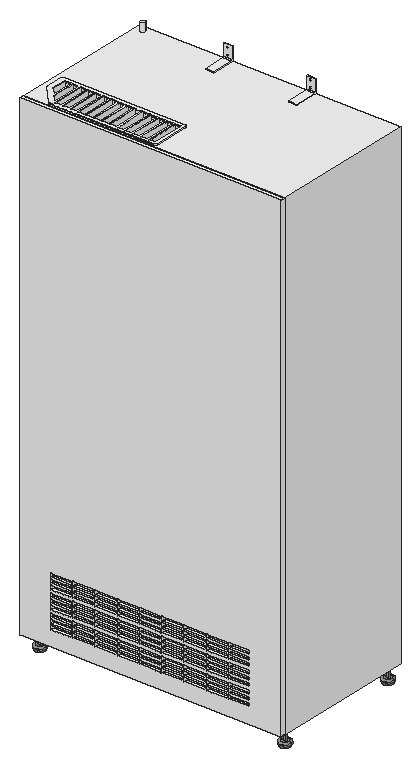
Revit family "AM 950 F HH", category Mechanical Equipment, Revit 2019 (continued)
Automatic sketch dimensions
  Revolve 13 sketch curve to Revolve 13 sketch curve = 0 mm  (x3)
  plane 5 "Center L/T" to Extrusion 14 sketch curve = 35.042 mm
  Extrusion 14 sketch curve to plane 4 "Center L/S" = 67 mm
  Blend 15 sketch curve to plane 6 "Center L/U" = 35 mm  (x2)
  Blend 15 sketch curve to plane 4 "Center L/S" = 67 mm  (x2)
  level to Revolve 16 sketch curve = 9 mm
  Revolve 16 sketch curve to plane 6 "Center L/U" = 60 mm
  Revolve 16 sketch curve to Revolve 16 sketch curve = 6 mm  (x2)
  Revolve 16 sketch curve to Revolve 16 sketch curve = 19 mm
  Revolve 16 sketch curve to Revolve 16 sketch curve = 0 mm  (x3)
  Extrusion 17 sketch curve to plane 6 "Center L/U" = 35 mm
  Extrusion 17 sketch curve to plane 4 "Center L/S" = 67 mm
  Extrusion 18 sketch curve to Extrusion 3 = 11 mm
  Extrusion 3 to Extrusion 18 sketch curve = 10 mm
  Extrusion 18 sketch curve to Extrusion 3 = 19 mm  (x2)
  Extrusion 19 sketch curve to Extrusion 3 = 11 mm
  Extrusion 3 to Extrusion 19 sketch curve = 10 mm
  Extrusion 3 to Extrusion 19 sketch curve = 347 mm
  Extrusion 19 sketch curve to Extrusion 19 sketch curve = 0 mm
  plane 7 to Extrusion 20 sketch curve = 0 mm
  plane 5 "Center L/T" to Extrusion 20 sketch curve = 35.508 mm
  level to Extrusion 3 sketch curve = 2253.598 mm
  level to Extrusion 4 sketch curve = 2253.598 mm
  Extrusion 2 sketch curve to Extrusion 2 sketch curve = 2115 mm
  Extrusion 21 sketch curve to plane 4 "Center L/S" = 44 mm  (x3)
  Extrusion 21 sketch curve to Extrusion 21 sketch curve = 0 mm  (x19)
  Extrusion 21 sketch curve to Extrusion 21 sketch curve = 1.96 mm  (x12)
  Extrusion 21 sketch curve to Extrusion 21 sketch curve = 2.031 mm
  Extrusion 21 sketch curve to Extrusion 21 sketch curve = 8.974 mm
  Extrusion 21 sketch curve to Extrusion 21 sketch curve = 1.349 mm
  Extrusion 21 sketch curve to Extrusion 21 sketch curve = 27.9 mm
  Extrusion 21 sketch curve to Extrusion 21 sketch curve = 1.328 mm
  Extrusion 21 sketch curve to Extrusion 21 sketch curve = 9.222 mm
  Extrusion 21 sketch curve to Extrusion 21 sketch curve = 1.311 mm
  plane 5 "Center L/T" to Extrusion 21 sketch curve = 49.503 mm
  Extrusion 21 sketch curve to Extrusion 21 sketch curve = 28.013 mm
  Extrusion 21 sketch curve to Extrusion 21 sketch curve = 1.317 mm
  Extrusion 21 sketch curve to Extrusion 21 sketch curve = 91.258 mm
  Extrusion 21 sketch curve to Extrusion 21 sketch curve = 0.006 mm  (x2)
  Extrusion 21 sketch curve to plane 3 "Center (Left/Right)" = 85.001 mm
  Extrusion 21 sketch curve to Extrusion 21 sketch curve = 138.04 mm
  Extrusion 21 sketch curve to plane 3 "Center (Left/Right)" = 14 mm
  Extrusion 21 sketch curve to Extrusion 21 sketch curve = 0.007 mm
  Extrusion 21 sketch curve to Extrusion 21 sketch curve = 0.053 mm
  Extrusion 21 sketch curve to Extrusion 21 sketch curve = 1.953 mm  (x2)
  Extrusion 21 sketch curve to Extrusion 21 sketch curve = 2.006 mm
  Extrusion 21 sketch curve to Extrusion 21 sketch curve = 2.001 mm  (x11)
  Extrusion 21 sketch curve to Extrusion 21 sketch curve = 1.999 mm
  Extrusion 21 sketch curve to Extrusion 21 sketch curve = 26.999 mm  (x6)
  Extrusion 21 sketch curve to Extrusion 21 sketch curve = 5.5 mm  (x14)
  Extrusion 21 sketch curve to Extrusion 21 sketch curve = 27.04 mm  (x5)
  Extrusion 21 sketch curve to Extrusion 21 sketch curve = 26.969 mm
  Extrusion 21 sketch curve to Extrusion 21 sketch curve = 2.022 mm
  Extrusion 21 sketch curve to Extrusion 21 sketch curve = 24.986 mm
  Extrusion 21 sketch curve to Extrusion 21 sketch curve = 1.484 mm
  Extrusion 21 sketch curve to Extrusion 21 sketch curve = 1.967 mm
  Extrusion 21 sketch curve to Extrusion 21 sketch curve = 1.472 mm
  Extrusion 22 sketch curve to Extrusion 1 = 26 mm
  Extrusion 22 sketch curve to Extrusion 22 sketch curve = 2.576 mm
  Extrusion 22 sketch curve to Extrusion 22 sketch curve = 10 mm  (x2)
  Extrusion 22 sketch curve to Extrusion 22 sketch curve = 10.113 mm
  Extrusion 22 sketch curve to Extrusion 1 = 13.332 mm
  Extrusion 22 sketch curve to Extrusion 1 = 101.513 mm
  Extrusion 22 sketch curve to Extrusion 22 sketch curve = 7.452 mm
  Extrusion 22 sketch curve to Extrusion 1 = 10 mm
  Extrusion 22 sketch curve to Extrusion 22 sketch curve = 455.035 mm
  Extrusion 22 sketch curve to Extrusion 22 sketch curve = 0 mm
  Extrusion 22 sketch curve to Extrusion 1 = 94.849 mm
  Extrusion 22 sketch curve to Extrusion 22 sketch curve = 152.354 mm
  Extrusion 24 sketch curve to Extrusion 24 sketch curve = 0 mm  (x2)
  Extrusion 24 sketch curve to Extrusion 1 = 212.4 mm
  Extrusion 1 to Extrusion 24 sketch curve = 211.598 mm
  radius of Blend 6 sketch curve = 21 mm
  radius of Blend 6 sketch curve = 25 mm
  radius of Extrusion 8 sketch curve = 5 mm
  radius of Blend 9 sketch curve = 21 mm
  radius of Blend 9 sketch curve = 25 mm
  radius of Extrusion 11 sketch curve = 5 mm
  radius of Blend 12 sketch curve = 21 mm
  radius of Blend 12 sketch curve = 25 mm
  radius of Extrusion 14 sketch curve = 5 mm
  radius of Blend 15 sketch curve = 21 mm
  radius of Blend 15 sketch curve = 25 mm
  radius of Extrusion 17 sketch curve = 5 mm
  radius of Extrusion 18 sketch curve = 4 mm  (x2)
  radius of Extrusion 19 sketch curve = 4 mm  (x2)
  radius of Extrusion 20 sketch curve = 10 mm
  radius of Extrusion 24 sketch curve = 155.5 mm
  radius of Extrusion 24 sketch curve = 157.5 mm
Nested families
  nested 1: "Model Label 2019" at (17.5, -257.425, 0), Label <- "Model", type "Model Label 2019"
    with Label "AM 950 F HH"
  nested 2: "indblæssymbol" at (-1198.5, -554, 2153.598) x (0, 0, 1) z (-1, 0, 0), type "indblæssymbol"
    with dX_ 609 mm, dX 609 mm, ang2D 0.00°
  nested 3: "Pil Indtag" at (-1198.5, -1200, 449.598) x (0, 1, 0) z (-1, 0, 0), type "Pil Indtag"
    with dX_ 609 mm, dX 609 mm, ang2D 0.00°
  nested 4: "indblæssymbol" at (-333, -660, 2158.598) x (0, 0, 1) z (0, -1, 0), type "indblæssymbol"
    with dX_ 609 mm, dX 609 mm, ang2D 0.00°
  nested 5: "Pil Indtag" at (0, -1159.552, 0) x (0, 1, 0) z (0, 0, 1), type "Pil Indtag"
    with dX_ 609 mm, dX 609 mm, ang2D 0.00°
Connectors
  electrical at (-539.492, -26, 2228.598)
    settings: on Extrusion 20, index 6, voltage 0 V, apparent load 0 VA, apparent load phase1 0 VA, apparent load phase2 0 VA, apparent load phase3 0 VA, power factor 1, load classification "Other", number of poles 1, system type 31, power factor state 1, is connector primary yes, connector utility no, sub classification motor no, connector description ""
  hvac at (-362.6, 0, 1982)
    settings: on Extrusion 23, index 7, duct flow 0.0 L/s, flow factor 0, pres drop 0.0 Pa, loss coef 0, conn angle 0.00°, conn width 304.8 mm, conn height 304.8 mm, conn diameter 315 mm, duct sys type 3, conn prof type 0, flow config 0, flow direction 2, loss method 0, conn ref index -1, conn util no, is conn primary yes, conn desc ""
  hvac at (362.6, 0, 1982)
    settings: on Extrusion 24, index 8, duct flow 0.0 L/s, flow factor 0, pres drop 0.0 Pa, loss coef 0, conn angle 0.00°, conn width 304.8 mm, conn height 304.8 mm, conn diameter 315 mm, duct sys type 1, conn prof type 0, flow config 0, flow direction 1, loss method 0, conn ref index -1, conn util no, is conn primary no, conn desc ""
Definition of nested family "Model Label 2019"
  Parameters (values of type "Model Label 2019")
    Label [instance] = ""
  Reference planes
    plane 1: y = 0
    plane 2: x = 0
  Text (mm)
    label "Label" at (-0.131, 0.049, 0), shows "Label"
Definition of nested family "indblæssymbol"
  Parameters (values of type "indblæssymbol")
    dX_ [instance] = if(dX = 0 mm, 1 mm, dX)  # 609 mm
    dX [instance] = 609 mm
    ang2D [instance] = 0.00°
    Type Comments = "DO NOT CHANGE dX value from 608 mm ( 2 ft )"
    Afstand pil = 50 mm
  Reference planes
    plane 1 "Center (Front/Back)": y = 0
    plane 2: z = 0
    plane 3 "Center (Left/Right)": x = 0
  Lines and regions (mm)
    Filled region 1, type "Concrete", in view "Ref. Level"
      outline origin (50.005, 0, 0) x (1, 0, 0) y (0, 1, 0)
        loop
          line (399.995, 0.414) -> (301.442, 17.365) -> (301.588, -17.365) -> (399.995, 0.414)
    reference lines, in view "Ref. Level"
      curve 1: line (50, 134.129, 0) -> (50, -145.871, 0)
    detail lines, in view "Ref. Level"
      curve 2: line (351.52, 0, 0) -> (50, 0, 0)
  Dimensions and locks
    "Afstand pil": plane 3 "Center (Left/Right)" to curve 1
    curve 1 to Filled region 1 = 400 mm
  Automatic sketch dimensions
    Filled region 1 sketch curve to plane 1 "Center (Front/Back)" = 0.414 mm
    plane 3 "Center (Left/Right)" to Filled region 1 sketch curve = 450 mm
    plane 1 "Center (Front/Back)" to Filled region 1 sketch curve = 17.365 mm
    Filled region 1 sketch curve to Filled region 1 sketch curve = 98.407 mm
    Filled region 1 sketch curve to plane 1 "Center (Front/Back)" = 17.365 mm
    Filled region 1 sketch curve to Filled region 1 sketch curve = 0.146 mm
    plane 1 "Center (Front/Back)" to curve 2 = 0 mm
    plane 3 "Center (Left/Right)" to curve 2 = 50 mm
    curve 2 to curve 2 = 301.52 mm
    plane 1 "Center (Front/Back)" to curve 1 = 145.871 mm
    curve 1 to plane 1 "Center (Front/Back)" = 134.129 mm
Definition of nested family "Pil Indtag"
  Parameters (values of type "Pil Indtag")
    dX_ [instance] = if(dX = 0 mm, 1 mm, dX)  # 609 mm
    dX [instance] = 609 mm
    ang2D [instance] = 0.00°
    Type Comments = "DO NOT CHANGE dX value from 608 mm ( 2 ft )"
    Afstand pil = 50 mm
  Reference planes
    plane 1 "Center (Front/Back)": y = 0
    plane 2: z = 0
    plane 3 "Center (Left/Right)": x = 0
    plane 4: x = 500
  Lines and regions (mm)
    Filled region 1, type "Concrete", in view "Ref. Level"
      outline origin (0, 0, 0) x (1, 0, 0) y (0, 1, 0)
        loop
          line (499.552, 0) -> (401.072, 17.365) -> (401.072, -17.365) -> (499.552, 0)
    reference lines, in view "Ref. Level"
      curve 1: line (50, 134.129, 0) -> (50, -145.871, 0)
    detail lines, in view "Ref. Level", not visible
      curve 2: arc (335, 0, 0) -> (385.559, -50.321, 0) -> (434.999, 1.101, 0) r 50.01
      curve 3: arc (335, 0, 0) -> (285.666, 52.633, 0) -> (235.069, 1.212, 0) r 50.01
      curve 4: line (434.999, 1.101, 0) -> (434.999, 21.156, 0)
      curve 5: line (235.069, 1.212, 0) -> (235.069, -18.844, 0)
    detail lines, in view "Ref. Level"
      curve 6: arc (225.332, 0, 0) -> (272.332, -35.211, 0) -> (294.114, 19.326, 0) r 36.995
      curve 7: arc (225.206, 0, 0) -> (173.868, 30.307, 0) -> (156.85, -26.829, 0) r 37.835
      curve 8: line (499.552, 0, 0) -> (401.072, 17.365, 0)
      curve 9: line (401.072, 17.365, 0) -> (401.072, -17.365, 0)
      curve 10: line (401.072, -17.365, 0) -> (499.552, 0, 0)
      curve 11: line (499.552, 0, 0) -> (-15.448, 0, 0)
  Dimensions and locks
    "Afstand pil": plane 3 "Center (Left/Right)" to curve 1
    plane 3 "Center (Left/Right)" to plane 4 = 500 mm
  Automatic sketch dimensions
    plane 1 "Center (Front/Back)" to Filled region 1 sketch curve = 0 mm
    Filled region 1 sketch curve to plane 4 = 0.448 mm
    plane 1 "Center (Front/Back)" to Filled region 1 sketch curve = 17.365 mm
    Filled region 1 sketch curve to plane 4 = 98.928 mm
    Filled region 1 sketch curve to plane 1 "Center (Front/Back)" = 17.365 mm
    plane 1 "Center (Front/Back)" to curve 11 = 0 mm
    plane 1 "Center (Front/Back)" to curve 7 = 4.913 mm
    plane 3 "Center (Left/Right)" to curve 7 = 187.691 mm
    curve 6 to plane 1 "Center (Front/Back)" = 0.405 mm
    curve 7 to curve 6 = 74.634 mm
    curve 9 to plane 1 "Center (Front/Back)" = 17.365 mm
    curve 9 to plane 4 = 98.928 mm
    curve 11 to plane 4 = 0.448 mm
    plane 1 "Center (Front/Back)" to curve 10 = 17.365 mm
    curve 7 to curve 7 = 30.842 mm
    curve 11 to plane 3 "Center (Left/Right)" = 15.448 mm
    curve 7 to curve 6 = 37.119 mm
    curve 7 to curve 6 = 0.126 mm
    curve 6 to plane 1 "Center (Front/Back)" = 19.326 mm
    plane 1 "Center (Front/Back)" to curve 1 = 145.871 mm
    curve 1 to plane 1 "Center (Front/Back)" = 134.129 mm
